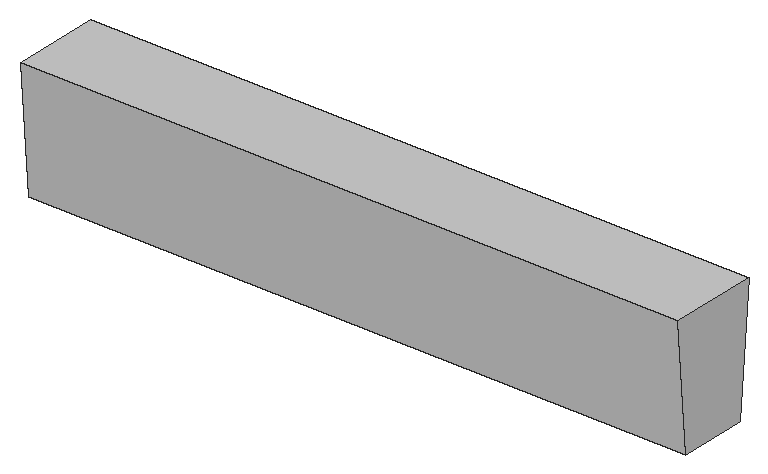
Revit family "M_Caibro pan", category Quadro estrutural, Revit 2019
Family settings
  Exibir em vistas ocultas = Arestas ocultadas pela própria viga
  Arredondamento do comprimento do framing estrutural = 0 mm
  Forma do corte = Não definido
  Material para o comportamento do modelo = Concreto
  Exportar sempre como geometria = Não
  Número OmniClass = 23.25.30.11.14.14
  Título OmniClass = Beams
  ID de item do Seek = Pan Joist-0000-CAN-ENU
  Sempre na vertical = Sim
  Corte com vazios quando carregada = Não
  Representação simbólica = Da família
  Compartilhado = Não
  Exibir o pré-corte da família na vista da planta = Sim
Parameters (values of type "125 x 350")
  Direita obtusa do cone = if(Direita do cone, 1, 0) * (h - Espessura da laje) / 12  # 19.167 mm
  Direita do cone = yes
  Esquerda obtusa do cone = if(Esquerda do cone, 1, 0) * (h - Espessura da laje) / 12  # 19.167 mm
  Esquerda do cone = yes
  Structural Material [instance] = Concreto - Moldado in loco
  Espessura da laje = 120 mm
  Código de montagem = "B10"
  Length [instance] = 1500 mm
  b = 125 mm
  h = 350 mm
Types (13, lengths in mm): name | Direita obtusa do cone | Esquerda obtusa do cone | b | h
  (no name) | 19.167 | 19.167 | 125 | 350
  125 x 350 | 19.167 | 19.167 | 125 | 350
  150 x 350 | 19.167 | 19.167 | 150 | 350
  150 x 400 | 23.333 | 23.333 | 150 | 400
  150 x 500 | 31.667 | 31.667 | 150 | 500
  150 x 600 | 40 | 40 | 150 | 600
  175 x 350 | 19.167 | 19.167 | 175 | 350
  175 x 400 | 23.333 | 23.333 | 175 | 400
  175 x 500 | 31.667 | 31.667 | 175 | 500
  175 x 600 | 40 | 40 | 175 | 600
  200 x 400 | 23.333 | 23.333 | 200 | 400
  200 x 500 | 31.667 | 31.667 | 200 | 500
  200 x 600 | 40 | 40 | 200 | 600
Reference planes
  plane 1 "Centro (Frente/Trás)": y = 0
  plane 2: z = 0
  plane 3 "Centro (Esquerda/Direita)": x = 4.61
  plane 4 "Membro esquerdo": x = -604.99
  plane 5 "Membro direito": x = 614.21
  plane 6: y = 62.5
  plane 7: y = -62.5
  plane 8 "Topo da laje": z = 175
  plane 9 "Inferior": z = -175
  plane 10 "Esquerda": x = -757.39
  plane 11 "Direita": x = 742.61
  plane 12: y = -81.667
  plane 13: y = 81.667
  plane 14 "Topo do caibro": z = 55
Forms (mm)
  Sweep 1, solid, material "Concreto - Moldado in loco" <- "Structural Material"
    path origin (0, 0, 0) x (1, 0, 0) y (0, 1, 0)
      loop
        line (614.21, 0) -> (-604.99, 0)
    profile origin (4.61, 0, 0) x (0, -1, 0) y (0, 0, 1)
      loop
        line (-81.667, 55) -> (-62.5, -175) -> (62.5, -175) -> (81.667, 55) -> (-81.667, 55)
Dimensions and locks
  "b": plane 6 to plane 7
  equal spacing: plane 9 "Inferior", plane 2, plane 8 "Topo da laje"
  equal spacing: plane 6, plane 1 "Centro (Frente/Trás)", plane 7
  "h": plane 9 "Inferior" to plane 8 "Topo da laje"
  "Length": plane 10 "Esquerda" to plane 11 "Direita"
  "Direita obtusa do cone": plane 7 to plane 12
  "Esquerda obtusa do cone": plane 13 to plane 6
  "Espessura da laje": plane 8 "Topo da laje" to plane 14 "Topo do caibro"
  locked: level to plane 2 at 0
  aligned and locked: Sweep 1 sketch curve to plane 1 "Centro (Frente/Trás)"
  aligned and locked: plane 4 "Membro esquerdo" to Sweep 1 sketch curve
  aligned and locked: plane 5 "Membro direito" to Sweep 1 sketch curve
  aligned and locked: Sweep 1 sketch curve to plane 14 "Topo do caibro"
  aligned and locked: Sweep 1 sketch curve to plane 9 "Inferior"
  aligned and locked: plane 12 to Sweep 1 sketch curve
  aligned and locked: plane 7 to Sweep 1 sketch curve
  aligned and locked: plane 6 to Sweep 1 sketch curve
  aligned and locked: plane 13 to Sweep 1 sketch curve
  aligned and locked: plane 14 "Topo do caibro" to Sweep 1
  aligned and locked: plane 9 "Inferior" to Sweep 1
